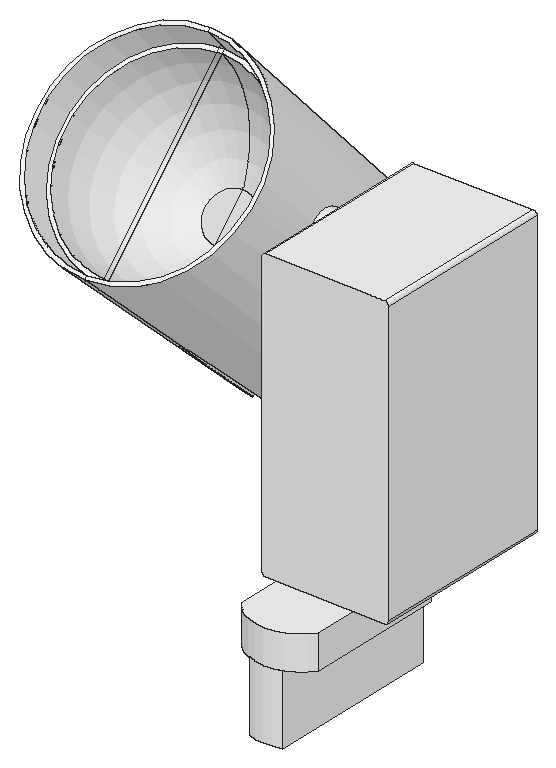
Revit family "0004824 Feilo Sylvania Lighting Fixture START TRACK SPOT S 14W 4K RA80 MB WHITE", category Lighting Fixtures, host Face, Revit 2017 (continued)
Definition of nested family "Start Track Spot Head"
  Types (96, lengths in mm): name | Wattage | built-in parameter 1150134 | Photometric Web File | Model | built-in parameter 1150105 | Lumens | built-in parameter 1150107 | built-in parameter 1150106 | HeadThickness_FEILO | HeadRibOffset_FEILO | HeadRibDepth_FEILO | HeadRibCutWidth_FEILO | HeadRibCutOffset_FEILO | HeadReflectorRadius_FEILO | HeadReflectorOffset_FEILO | HeadLEDRadius_FEILO | HeadHeight_FEILO | HeadDiffusorOffset_FEILO | HeadDiaOut_FEILO | HeadDiaIn_FEILO | HeadAxisFromTop_FEILO | Emit from Circle Diameter | built-in parameter 1150104 | Description | Apparent Load
    0004812 START TRACK SPOT S 14W 3K RA80 MB WHITE | 14 W | (empty or 0) | "0004812.ies" | "START TRACK SPOT S 14W 3K RA80 MB WHITE" | 120.32 (stored number, unit not read) | 1512 lm | 3000 (stored number, unit not read) | 1.2032 (stored number, unit not read) | 1.5 | 4.179 | 55.714 | 7.167 | 50.87 | 50.588 | 55.714 | 9.556 | 117 | 9.435 | 86 | 77.477 | 69.354 | 77.477 | 10.034 (stored number, unit not read) | "Integrated LED spotlight, Textured White - RAL9016, compact and minimalist design, ideal for retail applications, die-cast aluminium body, passive cooling heatsink. Beam angle: 36°, color temperature: 3000K , total system power: 14W, total fixture output: 1508 lm, LOR: 100%, colour rendering: Ra: 80 typical, LED Chromaticity: 3 step MacAdam ellipse, lifetime: >50000 hours at L70B50, energy class: A++, A+, A, IR/UV free light source without heat radiation, operating voltage: 220-240V / 50-60Hz, drive current: 350mA, electronic driver, non-dimmable, power factor: 0.92, electrical protection: Class II, Global Track 3 Phase adapter suitable for Global trac 3-circuit tracks, ingress protection rating: IP20, suitable for internal environment only, horizontal rotation: 355°, vertical tilt: 90°, dimensions: Ø86x140x200, weight: 0.940kg." | 14 VA
    0004811 START TRACK SPOT S 14W 3K RA80 NB WHITE | 14 W | (empty or 0) | "0004811.ies" | "START TRACK SPOT S 14W 3K RA80 NB WHITE" | 123.66 (stored number, unit not read) | 1554 lm | 3000 (stored number, unit not read) | 1.2366 (stored number, unit not read) | 1.5 | 4.179 | 55.714 | 7.167 | 50.87 | 50.588 | 55.714 | 9.556 | 117 | 9.435 | 86 | 77.477 | 69.354 | 77.477 | 10.312 (stored number, unit not read) | "Integrated LED spotlight, Textured White - RAL9016, compact and minimalist design, ideal for retail applications, die-cast aluminium body, passive cooling heatsink. Beam angle: 12°, color temperature: 3000K , total system power: 14W, total fixture output: 1551 lm, LOR: 100%, colour rendering: Ra: 80 typical, LED Chromaticity: 3 step MacAdam ellipse, lifetime: >50000 hours at L70B50, energy class: A++, A+, A, IR/UV free light source without heat radiation, operating voltage: 220-240V / 50-60Hz, drive current: 350mA, electronic driver, non-dimmable, power factor: 0.92, electrical protection: Class II, Global Track 3 Phase adapter suitable for Global trac 3-circuit tracks, ingress protection rating: IP20, suitable for internal environment only, horizontal rotation: 355°, vertical tilt: 90°, dimensions: Ø86x140x200, weight: 0.940kg." | 14 VA
  Reference planes
    plane 1 "Center (Front/Back)": y = 0
    plane 2: z = 0
    plane 3 "Center (Left/Right)": x = 0
    plane 4: x = 43
    plane 5: x = -43
    plane 6: x = -38.739
    plane 7: x = 38.739
    plane 8: z = 69.354
    plane 9: z = -47.646
    plane 10: x = -41.5
    plane 11: x = -37.239
    plane 12: z = -38.211
    plane 13: z = -35.211
    plane 14: z = 8.068
    plane 15: x = -9.556
    plane 16: x = -28.667
    plane 17: x = -19.111
    plane 18: x = -27.167
    plane 19: x = -17.611
    plane 20: x = -8.056
    plane 21: z = 13.64
    plane 22: x = -29.667
    plane 23: x = -26.167
    plane 24: x = -20.111
    plane 25: x = -16.611
    plane 26: x = -10.556
    plane 27: x = -7.056
    plane 28: x = -36.239
    plane 29: x = -40.5
    plane 30: z = 65.175
    plane 31: z = 60.997
    plane 32: z = 56.818
    plane 33: z = 18.484
    plane 34: y = -43
    plane 35: y = 43
    plane 36: y = 3.583
    plane 37: y = -3.583
    plane 38: y = -2.583
    plane 39: y = 2.583
    plane 40: y = 46
    plane 41: z = 13.5
    plane 42: z = -13.5
    plane 43: y = 39
    plane 44: x = 4.708
    plane 45: x = -2.458
    plane 46: x = -1.458
    plane 47: x = 1.458
  Forms (mm)
    Extrusion 1, solid
      sketch origin (4.2, 0, 0) x (1, 0, 0) y (0, 1, 0)
        loop
          line (-1219.2, 1219.2) -> (-1219.2, -1219.2) -> (1219.2, -1219.2) -> (1219.2, 1219.2) -> (-1219.2, 1219.2)
      from 0 to -68.017
    Revolve 2, solid, material <- "Material_1_FEILO", detail levels medium+fine
      sketch origin (0, 0, 0) x (1, 0, 0) y (0, 0, 1)
        loop
          line (-43, -47.646) -> (-41.5, -47.646) -> (-40.5, -35.211) -> (-38.739, -35.211)
          arc (-38.739, -35.211) -> (-30.16, -9.517) -> (-9.556, 8.068) r 50.588
          line (-9.556, 8.068) -> (0, 8.068) -> (0, 13.64) -> (-16.611, 13.64) -> (-17.611, 60.997) -> (-19.111, 60.997) -> (-20.111, 13.64) -> (-36.239, 13.64) -> (-37.239, 69.354) -> (-38.739, 69.354) -> (-43, -47.646)
        axis (0, 69.354) -> (0, -47.646)
      angle from 360 to 0
    Extrusion 3, void
      sketch origin (0, 0, 0) x (0, 1, 0) y (0, 0, 1)
        loop
          line (-3.583, 69.354) -> (-2.583, 18.484) -> (1.932, 18.484) -> (2.932, 69.354) -> (-3.583, 69.354)
      from 43 to -43
    Revolve 4, solid, material <- "Material_2_FEILO", detail levels medium+fine
      sketch origin (0, 0, 0) x (1, 0, 0) y (0, 0, 1)
        loop
          line (-41.5, -38.211) -> (0, -38.211) -> (0, -35.211) -> (-41.5, -35.211) -> (-41.5, -38.211)
        axis (0, -35.211) -> (0, -38.211)
      angle from 360 to 0
    Revolve 5, solid, material <- "Material_1_FEILO"
      sketch origin (0, 0, 0) x (0, 1, 0) y (0, 0, 1)
        loop
          line (46, 0) -> (39, 0) -> (39, -13.5) -> (46, -13.5) -> (46, 0)
        axis (39, 0) -> (46, 0)
      angle from 360 to 0
    Revolve 6, solid, material <- "Material_1_FEILO", detail levels medium+fine
      sketch origin (0, 0, 0) x (1, 0, 0) y (0, 0, 1)
        loop
          line (-29.667, 13.64) -> (-26.167, 13.64) -> (-27.167, 65.175) -> (-28.667, 65.175) -> (-29.667, 13.64)
        loop
          line (-10.556, 13.64) -> (-7.056, 13.64) -> (-7.833, 56.818) -> (-9.778, 56.818) -> (-10.556, 13.64)
        axis (0, 65.175) -> (0, 13.64)
      angle from 360 to 0
    Extrusion 7, void
      sketch origin (0, 0, 0) x (1, 0, 0) y (0, 0, 1)
        loop
          line (4.708, 69.354) -> (-2.458, 69.354) -> (-1.458, 13.64) -> (1.458, 13.64) -> (4.708, 69.354)
      from -43 to 43
    Revolve 8, solid, material <- "Material_1_FEILO", detail levels coarse
      sketch origin (0, 0, 0) x (1, 0, 0) y (0, 0, 1)
        loop
          line (0, 69.354) -> (-38.739, 69.354) -> (-43, -47.646) -> (-41.5, -47.646) -> (-40.731, -38.211) -> (0, -38.211) -> (0, 69.354)
        axis (0, 69.354) -> (0, -47.646)
      angle from 360 to 0
  Cuts and joins
    Extrusion 3 cuts Revolve 2
    Extrusion 7 cuts Revolve 6
  Dimensions and locks
    equal spacing: plane 7, plane 3 "Center (Left/Right)", plane 6
    equal spacing: plane 4, plane 3 "Center (Left/Right)", plane 5
    "HeadDiaOut_FEILO": plane 4 to plane 5
    "HeadDiaIn_FEILO": plane 7 to plane 6
    "HeadHeight_FEILO": plane 8 to plane 9
    "HeadThickness_FEILO": plane 10 to plane 5
    "HeadThickness_FEILO": plane 11 to plane 6
    "HeadDiffusorOffset_FEILO": plane 12 to plane 9
    "HeadDiffusorThickness_FEILO": plane 13 to plane 12
    "HeadReflectorOffset_FEILO": plane 14 to plane 9
    "HeadLEDRadius_FEILO": plane 3 "Center (Left/Right)" to plane 15
    "HeadLEDRadius_FEILO": plane 15 to plane 17
    "HeadLEDRadius_FEILO": plane 17 to plane 16
    "HeadThickness_FEILO": plane 18 to plane 16
    "HeadThickness_FEILO": plane 19 to plane 17
    "HeadThickness_FEILO": plane 20 to plane 15
    "HeadRibDepth_FEILO": plane 8 to plane 21
    "HeadDraft_FEILO": plane 16 to plane 22
    "HeadDraft_FEILO": plane 23 to plane 18
    "HeadDraft_FEILO": plane 17 to plane 24
    "HeadDraft_FEILO": plane 25 to plane 19
    "HeadDraft_FEILO": plane 15 to plane 26
    "HeadDraft_FEILO": plane 27 to plane 20
    "HeadDraft_FEILO": plane 29 to plane 10
    "HeadDraft_FEILO": plane 28 to plane 11
    "HeadRibOffset_FEILO": plane 8 to plane 30
    "HeadRibOffset_FEILO": plane 30 to plane 31
    "HeadRibOffset_FEILO": plane 31 to plane 32
    "HeadAxisFromTop_FEILO": plane 8 to plane 2
    "HeadRibCutOffset_FEILO": plane 8 to plane 33
    equal spacing: plane 34, plane 1 "Center (Front/Back)", plane 35
    "HeadDiaOut_FEILO": plane 34 to plane 35
    equal spacing: plane 38, plane 1 "Center (Front/Back)", plane 39
    equal spacing: plane 37, plane 1 "Center (Front/Back)", plane 36
    "HeadRibCutWidth_FEILO": plane 37 to plane 36
    "HeadDraft_FEILO": plane 37 to plane 38
    locked: plane 35 to plane 40 at 3
    equal spacing: plane 41, plane 2, plane 42
    locked: plane 42 to plane 41 at 27
    locked: plane 43 to plane 35 at 4
    equal spacing: plane 45, imposter light, plane 44
    "HeadDraft_FEILO": plane 46 to plane 45
    "HeadRibCutWidth_FEILO": plane 44 to plane 45
    equal spacing: plane 47, plane 3 "Center (Left/Right)", plane 46
    "HeadReflectorRadius_FEILO": radius of Revolve 2 sketch curve
    aligned and locked: plane 2 to Extrusion 1
    aligned and locked: level to Extrusion 1
    aligned and locked: Revolve 2 sketch curve to plane 3 "Center (Left/Right)"  (x2)
    aligned and locked: plane 9 to Revolve 2 sketch curve  (x2)
    aligned and locked: plane 5 to Revolve 2 sketch curve
    aligned and locked: plane 10 to Revolve 2 sketch curve
    aligned and locked: plane 14 to Revolve 2 sketch curve
    aligned and locked: plane 8 to Revolve 2 sketch curve
    aligned and locked: Revolve 2 sketch curve to plane 13
    aligned and locked: plane 12 to Revolve 4 sketch curve
    aligned and locked: plane 3 "Center (Left/Right)" to Revolve 4 sketch curve
    aligned and locked: Revolve 4 sketch curve to plane 10
    aligned and locked: Revolve 4 sketch curve to plane 3 "Center (Left/Right)"
    aligned and locked: plane 12 to imposter light
    aligned and locked: imposter light to plane 1 "Center (Front/Back)"
    aligned and locked: Revolve 5 sketch curve to plane 2
    aligned and locked: plane 43 to Revolve 5 sketch curve
    aligned and locked: plane 42 to Revolve 5 sketch curve
    aligned and locked: Revolve 6 sketch curve to plane 3 "Center (Left/Right)"
    aligned and locked: plane 22 to Revolve 6 sketch curve
    aligned and locked: plane 30 to Revolve 6 sketch curve
    aligned and locked: plane 23 to Revolve 6 sketch curve
    aligned and locked: Revolve 6 sketch curve to plane 21  (x2)
    aligned and locked: plane 21 to Revolve 6 sketch curve
    aligned and locked: plane 17 to Revolve 2 sketch curve
    aligned and locked: plane 19 to Revolve 2 sketch curve
    aligned and locked: plane 31 to Revolve 2 sketch curve
    aligned and locked: plane 21 to Revolve 2 sketch curve
    aligned and locked: Extrusion 3 to plane 8
    aligned and locked: plane 33 to Extrusion 3
    aligned and locked: plane 8 to Extrusion 3 sketch curve
    aligned and locked: Extrusion 3 sketch curve to plane 33
    aligned and locked: Extrusion 3 to plane 5
    aligned and locked: plane 4 to Extrusion 3
    aligned and locked: plane 32 to Revolve 6 sketch curve
    aligned and locked: plane 44 to Extrusion 7 sketch curve
    aligned and locked: Extrusion 7 sketch curve to plane 8
    aligned and locked: plane 46 to Extrusion 7 sketch curve
    aligned and locked: plane 21 to Extrusion 7 sketch curve
    aligned and locked: plane 34 to Extrusion 7
    aligned and locked: Extrusion 7 to plane 35
    aligned and locked: Revolve 4 sketch curve to plane 13
    aligned and locked: Revolve 5 sketch curve to plane 40
    aligned and locked: Revolve 8 sketch curve to plane 3 "Center (Left/Right)"
    aligned and locked: Revolve 8 sketch curve to cut or joined group of Revolve 2, Extrusion 3  (x3)
    aligned and locked: plane 5 to Revolve 8 sketch curve
    aligned and locked: plane 3 "Center (Left/Right)" to Revolve 8 sketch curve
    aligned and locked: plane 12 to Revolve 8 sketch curve
  Automatic sketch dimensions
    Extrusion 1 sketch curve to Extrusion 1 sketch curve = 2438.4 mm  (x2)
    Extrusion 3 sketch curve to plane 37 = 0 mm
    Extrusion 3 sketch curve to plane 38 = 0 mm
    plane 39 to Extrusion 3 sketch curve = 0.651 mm
    Extrusion 3 sketch curve to plane 39 = 0.349 mm
    Revolve 6 sketch curve to plane 16 = 0 mm
    Revolve 6 sketch curve to plane 18 = 0 mm
    Revolve 6 sketch curve to plane 26 = 0 mm
    Revolve 6 sketch curve to plane 27 = 0 mm
    Revolve 6 sketch curve to plane 15 = 0.222 mm
    plane 9 to Revolve 6 sketch curve = 559.103 mm
    Revolve 6 sketch curve to plane 8 = 2535.555 mm
    plane 20 to Revolve 6 sketch curve = 0.222 mm
    Revolve 2 sketch curve to plane 29 = 0 mm
    Revolve 2 sketch curve to plane 6 = 0 mm  (x2)
    Revolve 2 sketch curve to plane 11 = 0 mm
    Revolve 2 sketch curve to plane 21 = 0 mm
    Revolve 2 sketch curve to plane 28 = 0 mm
    Revolve 2 sketch curve to plane 24 = 0 mm
    Revolve 2 sketch curve to plane 25 = 0 mm
    Revolve 2 sketch curve to plane 15 = 0 mm
    Revolve 2 sketch curve to Revolve 2 sketch curve = 557.155 mm
    Revolve 2 sketch curve to plane 8 = 2535.558 mm
    Extrusion 7 sketch curve to plane 45 = 0 mm
    Extrusion 7 sketch curve to plane 47 = 0 mm
    plane 9 to Revolve 4 sketch curve = 559.103 mm
    Revolve 4 sketch curve to plane 8 = 2535.555 mm
    Revolve 5 sketch curve to level = 0 mm
    plane 34 to Revolve 5 sketch curve = 1968.092 mm
    Revolve 5 sketch curve to plane 40 = 1405.763 mm
    Revolve 8 sketch curve to plane 6 = 0 mm
    Revolve 8 sketch curve to plane 29 = 0.231 mm
    plane 9 to Revolve 8 sketch curve = 559.103 mm
    Revolve 8 sketch curve to Revolve 8 sketch curve = 2535.555 mm
Definition of nested family "Start Track Spot Box"
  Parameters (values of type "Type Large White")
    URL = "http://www.feilosylvania.com"
    Type Image = (empty or 0)
    Type Comments = "n/a"
    Small_FEILO = no
    Material_3_FEILO = none
    Model = ""
    Manufacturer = "Feilo Sylvania"
    Keynote = ""
    Material_2_FEILO = none
    Description = ""
    Default Elevation = 1219.2 mm
    Cost = 0
    Material_1_FEILO = none
    BoxWidth_FEILO = 49 mm
    BoxStartAngle_FEILO [instance] = 0.00°
    BoxRadius_FEILO = 1.5 mm
    BoxHeight_FEILO = if(Small_FEILO, 112 mm, 136 mm)  # 136 mm
    BoxEndAngle_FEILO [instance] = BoxStartAngle_FEILO - 180.00°  # -180.00°
    BoxDepth_FEILO = if(Small_FEILO, 71.5 mm, 79 mm)  # 79 mm
    BoxAxisVerticalOffset_FEILO = 16 mm
    BoxAxisOffset_FEILO = BoxHeight_FEILO / 6.8  # 20 mm
    Assembly Code = ""
    Material_4_FEILO = none
  Types (4, lengths in mm): name | Small_FEILO | BoxHeight_FEILO | BoxDepth_FEILO | BoxAxisOffset_FEILO
    Type Large White | no | 136 | 79 | 20
    Type Small White | yes | 112 | 71.5 | 16.471
    Type Small Black | yes | 112 | 71.5 | 16.471
    Type Large Black | no | 136 | 79 | 20
  Reference planes
    plane 1 "Center (Front/Back)": y = 0
    plane 2: z = 0
    plane 3 "Center (Left/Right)": x = 0
    plane 4: x = 24.5
    plane 5: x = -24.5
    plane 6: y = 68
    plane 7: y = -68
    plane 8: z = 39.5
    plane 9: z = -39.5
    plane 10: y = -48
    plane 11: x = 30.5
    plane 12: x = 8.5
    plane 13: x = 21.5
    plane 14: y = 70
    plane 15: y = 72
    plane 16: x = 19.5
  Forms (mm)
    Extrusion 1, solid
      sketch origin (4.2, 0, 0) x (1, 0, 0) y (0, 1, 0)
        loop
          line (-1219.2, 1219.2) -> (-1219.2, -1219.2) -> (1219.2, -1219.2) -> (1219.2, 1219.2) -> (-1219.2, 1219.2)
      from 0 to -68.017
    Extrusion 2, solid, material <- "Material_1_FEILO"
      sketch origin (0, 0, 0) x (1, 0, 0) y (0, 1, 0)
        loop
          arc (-23, 68) -> (-24.061, 67.561) -> (-24.5, 66.5) r 1.5
          line (-24.5, 66.5) -> (-24.5, -66.5)
          arc (-24.5, -66.5) -> (-24.061, -67.561) -> (-23, -68) r 1.5
          line (-23, -68) -> (23, -68)
          arc (23, -68) -> (24.061, -67.561) -> (24.5, -66.5) r 1.5
          line (24.5, -66.5) -> (24.5, 66.5)
          arc (24.5, 66.5) -> (24.061, 67.561) -> (23, 68) r 1.5
          line (23, 68) -> (-23, 68)
      from -39.5 to 39.5
    Revolve 3, solid, not visible
      sketch origin (0, 0, 0) x (1, 0, 0) y (0, 1, 0)
        loop
          line (30.5, -48) -> (24.5, -48) -> (24.5, -68) -> (30.5, -68) -> (30.5, -48)
        axis (30.5, -48) -> (24.5, -48)
      angle from 0 <- "BoxStartAngle_FEILO" to -180 <- "BoxEndAngle_FEILO"
    Revolve 4, solid, material <- "Material_2_FEILO"
      sketch origin (0, 0, 0) x (1, 0, 0) y (0, 1, 0)
        loop
          line (8.5, 68) -> (19.5, 68) -> (19.5, 70) -> (21.5, 70) -> (21.5, 72) -> (8.5, 72) -> (8.5, 68)
        axis (8.5, 72) -> (8.5, 68)
      angle from 360 to 0
  Dimensions and locks
    equal spacing: plane 5, plane 3 "Center (Left/Right)", plane 4
    "BoxWidth_FEILO": plane 5 to plane 4
    equal spacing: plane 7, plane 1 "Center (Front/Back)", plane 6
    "BoxHeight_FEILO": plane 7 to plane 6
    equal spacing: plane 8, plane 2, plane 9
    "BoxDepth_FEILO": plane 8 to plane 9
    "BoxAxisOffset_FEILO": plane 7 to plane 10
    locked: plane 4 to plane 11 at 6
    "BoxAxisVerticalOffset_FEILO": plane 12 to plane 4
    locked: plane 12 to plane 13 at 13
    plane 6 to plane 14 to plane 15 = 2 mm locked, 2 mm locked
    locked: plane 12 to plane 16 at 11
    "BoxRadius_FEILO": radius of Extrusion 2 sketch curve  (x4)
    aligned and locked: plane 2 to Extrusion 1
    aligned and locked: level to Extrusion 1
    aligned and locked: plane 6 to Extrusion 2 sketch curve
    aligned and locked: plane 5 to Extrusion 2 sketch curve
    aligned and locked: Extrusion 2 sketch curve to plane 7
    aligned and locked: Extrusion 2 sketch curve to plane 4
    aligned and locked: Extrusion 2 to plane 8
    aligned and locked: plane 9 to Extrusion 2
    aligned and locked: Revolve 3 sketch curve to plane 10  (x2)
    aligned and locked: plane 11 to Revolve 3 sketch curve
    aligned and locked: Revolve 3 sketch curve to plane 4
    aligned and locked: plane 7 to Revolve 3 sketch curve
    aligned and locked: Revolve 4 sketch curve to plane 12
    aligned and locked: plane 6 to Revolve 4 sketch curve
    aligned and locked: plane 12 to Revolve 4 sketch curve
    aligned and locked: plane 15 to Revolve 4 sketch curve
    aligned and locked: Revolve 4 sketch curve to plane 13
    aligned and locked: Revolve 4 sketch curve to plane 14
    aligned and locked: Revolve 4 sketch curve to plane 16
    aligned and locked: Revolve 4 sketch curve to plane 6
  Automatic sketch dimensions
    Extrusion 1 sketch curve to Extrusion 1 sketch curve = 2438.4 mm  (x2)
    Revolve 3 sketch curve to plane 5 = 1499.5 mm
    plane 11 to Revolve 3 sketch curve = 1493.5 mm
    plane 15 to Revolve 4 sketch curve = 0 mm
    plane 7 to Revolve 4 sketch curve = 1456 mm
    Revolve 4 sketch curve to plane 15 = 1452 mm
